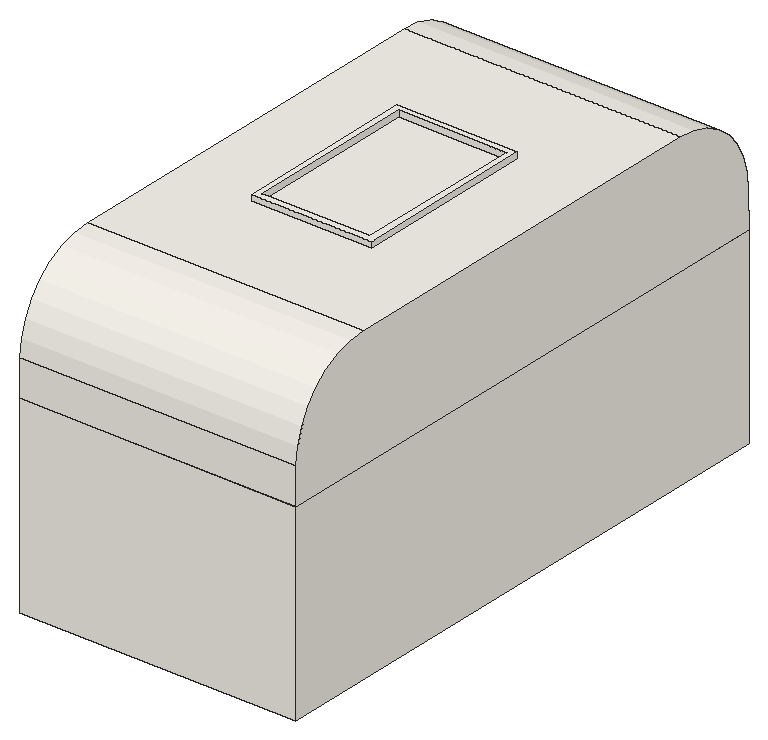
Revit family "Domotics-DomesticRanges-GEWISS-CHORUS_SIGNALLING-LAMP_ANTIBLACKOUT_1M", category Apparecchi elettrici, host Superficie, Revit 2016
Family settings
  Host = Superficie
  Mantenere orientamento annotazione = Sì
  Tipo di parte = Normale
  Quota connettore circolare = Usa diametro
  Taglio con vuoti quando caricato = Sì
  Condiviso = Sì
  Punto di calcolo locali = Sì
Parameters (values of type "GW14662 - Anti black-out lamp.1m titanium")
  finitura = GEWISS TITANIO
  Visibilità simbolo in pianta [instance] = yes
  Visibilità lampada [instance] = yes
  Version file RFA = "19.0"
  URL = "https://www.gewiss.com/ww/en"
  Type of lamp = "LED"
  Tipo_ = CHORUS LAMPADE ANTIBLACK-OUT 1M : GW14662 Lampada anti black-out 1M titanio
  Technical sheet = "https://www.gewiss.com/ww/en/search?q=GW14662"
  Supply voltage = "230 V ac - 50/60 Hz"
  SEO = "Lamp"
  Realized by GEWISS S.p.A. = ""
  Produttore = "GEWISS S.p.A."
  Power supply batteries = "Ni - Mh"
  Offset bidimensionale [instance] = 2 mm
  Default Elevation = 1219.2 mm
  Offset_lampada [instance] = 0 mm
  No. Chorus modules: = "1"
  No. Chorus modules = "1"
  Modello = "GW14662"
  Minimum autonomy = "1H"
  Larghezza copriforo = 23 mm
  Lamp = "LED"
  Immagine tipo = GW14662.jpg
  IFC.TypeObject = ""
  IFC.ExportType = ""
  IFC.ExportAs = ""
  IDT = "d58e55f1-d7ef-43b1-a699-4f7e8fb50383"
  IDF = "2ababe84-dc9d-4690-be76-d0d2c53a9b4a"
  Electrocod = "0781"
  EAN code = "8011564295049"
  Duration = "1H"
  Distanza_x [instance] = 0 mm
  Distanza_effettiva_x [instance] = 1000 mm - Distanza_x  # 1000 mm
  Descrizione = "ANTI BLACK-OUT LAMP.1M TITANIUM"
  Description. = "Anti black-out lamp"
  Colour = "Titanium"
  Catalogue Range = "CHORUS - DOMESTIC RANGE"
  Catalogue = "DOMOTICS"
  COBie.Tagnumber = ""
  COBie.CreatedOn = ""
  COBie.CreatebBy = ""
  COBie.ComponentRegisterItemID = ""
  COBie.Component.TagNumber = ""
  COBie.Component.Space = ""
  COBie.Component.SerialNumber = ""
  COBie.Component.InstallationDate = ""
  COBie.Component.Description = ""
  COBie.Component.BarCode = ""
  Altezza_copriforo = 45 mm
Types (3, lengths in mm): name | finitura | Tipo_ | Technical sheet | Modello | Immagine tipo | IDT | EAN code | Descrizione | Colour
  GW10662 - Anti black-out lamp.1m white | GEWISS BIANCO | CHORUS LAMPADE ANTIBLACK-OUT 1M : GW10662 Lampada anti black-out 1M bianco | "https://www.gewiss.com/ww/en/search?q=GW10662" | "GW10662" | GW10662.jpg | "6672b3ba-a487-47c5-83e0-b76dbeed2fd1" | "8011564294967" | "ANTI BLACK-OUT LAMP.1M WHITE" | "White"
  GW12662 - Anti black-out lamp.1m black | GEWISS NERO | CHORUS LAMPADE ANTIBLACK-OUT 1M : GW12662 Lampada anti black-out 1M nero | "https://www.gewiss.com/ww/en/search?q=GW12662" | "GW12662" | GW12662.jpg | "bd38154c-7ff7-4988-97fa-b93200a8a379" | "8011564294998" | "ANTI BLACK-OUT LAMP.1M BLACK" | "Black"
  GW14662 - Anti black-out lamp.1m titanium | GEWISS TITANIO | CHORUS LAMPADE ANTIBLACK-OUT 1M : GW14662 Lampada anti black-out 1M titanio | "https://www.gewiss.com/ww/en/search?q=GW14662" | "GW14662" | GW14662.jpg | "d58e55f1-d7ef-43b1-a699-4f7e8fb50383" | "8011564295049" | "ANTI BLACK-OUT LAMP.1M TITANIUM" | "Titanium"
Reference planes
  plane 1 "Centro (Fronte/Retro)": y = 0
  plane 2: z = 0
  plane 3 "Centro (Sinistra/Destra)": x = 0
  plane 4: x = -1000
  plane 5: x = 0
  plane 6: z = 0
  plane 7: z = 26
  plane 8 "bd": z = 28
Lines and regions (mm)
  Masking region 1, detail levels coarse
    outline origin (0, 0, 0) x (1, 0, 0) y (0, 0, 1)
      loop
        line (-11.5, 0) -> (11.5, 0) -> (11.5, 26) -> (-11.5, 26) -> (-11.5, 0)
  model lines, detail levels coarse
    curve 1: line (11.5, -23.695, 28) -> (-11.5, -23.695, 28)
    curve 2: line (11.5, 23.397, 28) -> (11.5, -23.695, 28)
    curve 3: line (-11.5, 23.397, 28) -> (11.5, 23.397, 28)
    curve 4: line (-11.5, -23.695, 28) -> (-11.5, 23.397, 28)
  model lines, not visible, detail levels coarse
    curve 5: line (41.3, -23.695, 50.692) -> (18.3, -23.695, 50.692)
    curve 6: line (41.3, 23.397, 50.692) -> (41.3, -23.695, 50.692)
    curve 7: line (18.3, 23.397, 50.692) -> (41.3, 23.397, 50.692)
    curve 8: line (18.3, -23.695, 50.692) -> (18.3, 23.397, 50.692)
  model lines
    curve 9: line (-5, 7.6, 28) -> (5, 7.6, 28)
    curve 10: line (-5, -7.6, 28) -> (-5, 7.6, 28)
    curve 11: line (5, -7.6, 28) -> (-5, -7.6, 28)
    curve 12: line (5, 7.6, 28) -> (5, -7.6, 28)
  model lines, not visible
    curve 13: line (24.8, 7.6, 50.692) -> (34.8, 7.6, 50.692)
    curve 14: line (24.8, -7.6, 50.692) -> (24.8, 7.6, 50.692)
    curve 15: line (34.8, -7.6, 50.692) -> (24.8, -7.6, 50.692)
    curve 16: line (34.8, 7.6, 50.692) -> (34.8, -7.6, 50.692)
Dimensions and locks
  plane 4 to plane 3 "Centro (Sinistra/Destra)" = 1000 mm
  "Distanza_effettiva_x": plane 4 to plane 5
  "Offset_lampada": plane 6 to host face
  locked: plane 7 to plane 6 at 26
  "Offset bidimensionale": plane 8 "bd" to plane 7
  aligned and locked: plane 2 to host face
  aligned and locked: level to host face
  aligned and locked: nested 1 to plane 6
  aligned and locked: plane 8 "bd" to curve 1
  aligned and locked: nested 1 to Masking region 1 sketch curve
  aligned and locked: Masking region 1 sketch curve to nested 1  (x2)
  aligned and locked: nested 1 to plane 3 "Centro (Sinistra/Destra)"
  aligned and locked: plane 5 to nested 2
Automatic sketch dimensions
  host sketch curve to host sketch curve = 2438.4 mm  (x2)
  curve 1 to curve 11 = 6.5 mm
  curve 11 to curve 11 = 10 mm
  curve 9 to curve 3 = 6.5 mm
  curve 2 to curve 9 = 15.796 mm
  curve 9 to curve 11 = 15.201 mm
  curve 11 to curve 2 = 16.094 mm
  curve 5 to curve 15 = 6.5 mm
  curve 15 to curve 15 = 10 mm
  curve 13 to curve 7 = 6.5 mm
  curve 6 to curve 13 = 15.796 mm
  curve 13 to curve 15 = 15.201 mm
  curve 15 to curve 6 = 16.094 mm
  Masking region 1 sketch curve to plane 7 = 0 mm
Nested families
  nested 1: "CHORUS LAMPADE ANTIBLACK-OUT 1M" at (0, 9.654, 0) x (0, -1, 0) z (0, 0, 1), visible <- "Visibilità lampada", type <- "Tipo_", type "GW14662 Lampada anti black-out 1M titanio", detail levels medium+fine
    with Spostamento_y_effettivo_etichetta 1000 mm, Spostamento_X_etichetta 0 mm, Spostamento_X_effettivo_etichetta 1000 mm, Distanza orizzontale del simbolo 0 mm, Distanza dal muro 4.208 mm, Cornice simbolo yes
  nested 2: "LAMPEMERG" at (0, 129.003, 0), type "LAMPEMERG"
    with SIMBOLO yes, Distanza dal muro 4.208 mm, BORDO ACCESO yes
Definition of nested family "CHORUS LAMPADE ANTIBLACK-OUT 1M"
  Parameters (values of type "GW10662 Lampada anti black-out 1M bianco")
    Spostamento_y_effettivo_etichetta [instance] = 1000 mm
    Spostamento_X_etichetta [instance] = 0 mm
    Spostamento_X_effettivo_etichetta [instance] = 1000 mm - Spostamento_X_etichetta  # 1000 mm
    SIMBOLO = SIMBOLO COPRIFORO : 1M
    Default Elevation = 1219.2 mm
    Manufacturer = ""
    Model = ""
    Materiale = none
    L = 23 mm
    Type Image = (empty or 0)
    IFC.TypeObject = ""
    IFC.ExportType = ""
    IFC.ExportAs = ""
    H = 47.092 mm
    Distanza orizzontale del simbolo [instance] = 0 mm
    Distanza dal muro [instance] = 4.208 mm
    Description = ""
    Cornice simbolo [instance] = yes
    Type Comments = ""
    COBie.CreatedOn = ""
    COBie.CreatebBy = ""
    COBie.ComponentRegisterItemID = ""
    COBie.Component.TagNumber = ""
    COBie.Component.Space = ""
    COBie.Component.SerialNumber = ""
    COBie.Component.InstallationDate = ""
    COBie.Component.Description = ""
    COBie.Component.BarCode = ""
  Types (3): name
    GW10662 Lampada anti black-out 1M bianco
    GW12662 Lampada anti black-out 1M nero
    GW14662 Lampada anti black-out 1M titanio
  Reference planes
    plane 1 "Centro (Fronte/Retro)": y = 0
    plane 2: z = 0
    plane 3 "Centro (Sinistra/Destra)": x = 0
    plane 4: x = 33.2
    plane 5: x = -13.892
    plane 6: x = 0
    plane 7: x = 9.654
    plane 8: y = 11.5
    plane 9: y = -11.5
    plane 10: through (-60.367, 53, 1200) normal (0.9613, 0.2756, 0)
    plane 11: through (-48.369, -19.812, 1200) normal (-0.6428, 0.766, 0)
    plane 12: z = 16
    plane 13: x = 17.255
    plane 14: y = 5
    plane 15: y = -5
    plane 16: x = 2.054
    plane 17: y = 4.5
    plane 18: x = 2.554
    plane 19: x = 16.755
    plane 20: y = -4.5
    plane 21: z = 26.5
    plane 22 "a": z = 26
  Forms (mm)
    Extrusion 1, solid, material <- "Materiale"
      sketch origin (0, 0, 0) x (1, 0, 0) y (0, 0, 1)
        loop
          line (-13.892, 19) -> (-13.892, 16) -> (33.2, 16) -> (33.2, 19)
          arc (33.2, 19) -> (31.15, 23.95) -> (26.2, 26) r 7
          line (26.2, 26) -> (-6.892, 26)
          arc (-6.892, 26) -> (-11.841, 23.95) -> (-13.892, 19) r 7
      from -11.5 to 11.5
    Extrusion 2, solid, material <- "Materiale"
      sketch origin (0, 0, 0) x (1, 0, 0) y (0, 0, 1)
        loop
          line (-13.892, 0) -> (33.2, 0) -> (33.2, 16) -> (-13.892, 16) -> (-13.892, 0)
      from -11.5 to 11.5
    Extrusion 3, solid, material <- "Materiale"
      sketch origin (0, 0, 0) x (1, 0, 0) y (0, 1, 0)
        loop
          line (2.054, 5) -> (2.054, -5) -> (17.255, -5) -> (17.255, 5) -> (2.054, 5)
        loop
          line (2.554, 4.5) -> (2.554, -4.5) -> (16.755, -4.5) -> (16.755, 4.5) -> (2.554, 4.5)
      from 26 to 26.5
  Text (mm)
    text "B=C*A" at (54.401, 20.009, 0), in view "Livello rif."
  Dimensions and locks
    equal spacing: plane 8, plane 1 "Centro (Fronte/Retro)", plane 9
    "L": plane 8 to plane 9
    equal spacing: plane 5, plane 7, plane 4
    "H": plane 5 to plane 4
    locked: plane 12 to plane 2 at 16
    equal spacing: plane 14, plane 1 "Centro (Fronte/Retro)", plane 15
    locked: plane 14 to plane 17 at 0.5
    locked: plane 16 to plane 18 at 0.5
    locked: plane 20 to plane 15 at 0.5
    locked: plane 19 to plane 13 at 0.5
    locked: plane 21 to Extrusion 1 at 0.5
    angle plane 1 "Centro (Fronte/Retro)" to plane 7 = 90.00°
    angle plane 11 to plane 10 = 66.00°
    angle plane 10 to plane 11 = 114.00°
    aligned and locked: level to plane 2
    aligned and locked: Extrusion 1 sketch curve to plane 5
    aligned and locked: Extrusion 1 sketch curve to plane 4
    aligned and locked: plane 8 to Extrusion 1
    aligned and locked: Extrusion 1 to plane 9
    aligned and locked: plane 12 to Extrusion 1 sketch curve
    aligned and locked: Extrusion 2 sketch curve to plane 12
    aligned and locked: Extrusion 2 sketch curve to plane 5
    aligned and locked: plane 4 to Extrusion 2 sketch curve
    aligned and locked: Extrusion 2 sketch curve to plane 2
    aligned and locked: plane 8 to Extrusion 2
    aligned and locked: Extrusion 2 to plane 9
    aligned and locked: Extrusion 3 sketch curve to plane 14
    aligned and locked: Extrusion 3 sketch curve to plane 13
    aligned and locked: Extrusion 3 sketch curve to plane 15
    aligned and locked: plane 16 to Extrusion 3 sketch curve
    aligned and locked: Extrusion 3 sketch curve to plane 17
    aligned and locked: Extrusion 3 sketch curve to plane 18
    aligned and locked: Extrusion 3 sketch curve to plane 20
    aligned and locked: Extrusion 3 sketch curve to plane 19
    aligned and locked: Extrusion 3 to Extrusion 1
    aligned and locked: Extrusion 3 to plane 21
  Automatic sketch dimensions
    Extrusion 1 sketch curve to Extrusion 1 sketch curve = 3 mm
    plane 5 to Extrusion 1 sketch curve = 7 mm
    Extrusion 1 sketch curve to plane 4 = 7 mm
Definition of nested family "LAMPEMERG"
  Parameters (values of type "LAMPEMERG")
    SIMBOLO [instance] = yes
    Distanza dal muro [instance] = 4.208 mm
    BORDO ACCESO [instance] = yes
  Reference planes
    plane 1: y = 0
    plane 2: x = 0
  Lines and regions (mm)
    detail lines
      curve 1: line (-0.733, 4.653, 0) -> (-0.733, 3.384, 0)
      curve 2: line (-0.733, 3.384, 0) -> (0.537, 3.384, 0)
      curve 3: line (0.537, 3.384, 0) -> (0.537, 4.653, 0)
      curve 4: line (0.537, 4.653, 0) -> (-0.733, 4.653, 0)
      curve 5: line (-0.733, 4.653, 0) -> (-0.244, 4.164, 0)
      curve 6: line (-0.244, 3.873, 0) -> (-0.733, 3.384, 0)
      curve 7: line (-0.928, 4.849, 0) -> (-0.928, 3.188, 0)
      curve 8: line (-0.928, 3.188, 0) -> (0.732, 3.188, 0)
      curve 9: line (0.732, 3.188, 0) -> (0.732, 4.849, 0)
      curve 10: line (0.732, 4.849, 0) -> (-0.928, 4.849, 0)
      curve 11: line (0.048, 3.873, 0) -> (0.048, 4.164, 0)
      curve 12: line (0.048, 4.164, 0) -> (-0.244, 4.164, 0)
      curve 13: line (-0.244, 4.164, 0) -> (-0.244, 3.873, 0)
      curve 14: line (-0.244, 3.873, 0) -> (0.048, 3.873, 0)
      curve 15: line (0.048, 3.873, 0) -> (0.537, 3.384, 0)
      curve 16: line (0.537, 4.653, 0) -> (0.048, 4.164, 0)
